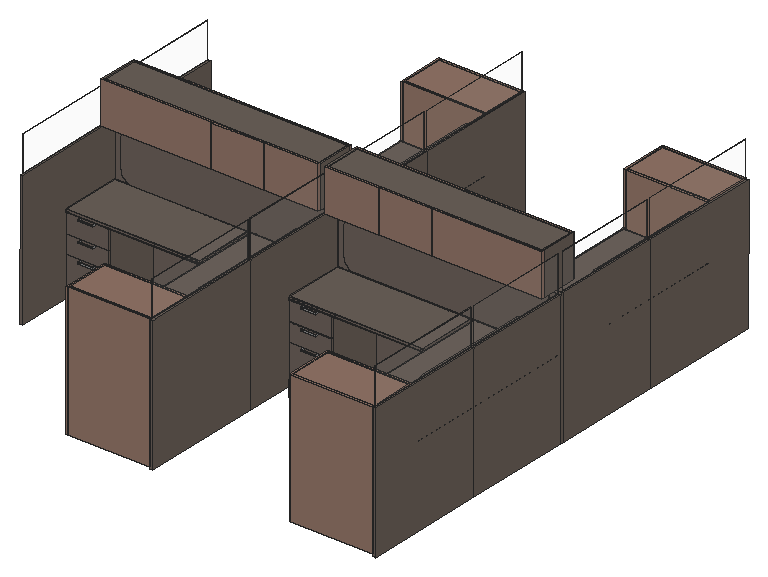
Revit family "OFS TYPICAL S200150", category Furniture, Revit 2022 (continued)
Definition of nested family "STAKS CENTER ELECTRIC ADJUSTABLE HEIGHT BASE Rectangular"
  Forms (in)
    Extrusion 8, solid, material <- "Column and Legs Material"
      sketch origin (0, -2.62465, 0) x (1, 0, 0) y (0, 0, 1)
        loop
          line (-17.63484, 27.875) -> (-19.13484, 27.875) -> (-19.13484, 27.75) -> (-17.75984, 27.75) -> (-17.75984, 26.375) -> (-17.63484, 26.375) -> (-17.63484, 27.875)
      from -1.5 to 1.5
    Extrusion 9, solid, material <- "Column and Legs Material"
      sketch origin (-15.75984, 13.13518, 0) x (0, 1, 0) y (0, 0, -1)
        loop
          line (-17.63484, -27.875) -> (-17.63484, -26.375) -> (-17.75984, -26.375) -> (-17.75984, -27.75) -> (-19.13484, -27.75) -> (-19.13484, -27.875) -> (-17.63484, -27.875)
      from -4.55805 to 1.74016
    Extrusion 10, solid, material <- "Column and Legs Material"
      sketch origin (-15.75984, -18.38449, 0) x (0, -1, 0) y (0, 0, 1)
        loop
          line (-17.63484, 27.875) -> (-19.13484, 27.875) -> (-19.13484, 27.75) -> (-17.75984, 27.75) -> (-17.75984, 26.375) -> (-17.63484, 26.375) -> (-17.63484, 27.875)
      from -4.55805 to 1.74016
    Extrusion 11, solid
      sketch origin (8.306, -1.24965, 17.75) x (0, 0, 1) y (-1, 0, 0)
        loop
          line (-15.795, 26.306) -> (-17.295, 26.306) -> (-17.295, 23.306) -> (-15.795, 23.306) -> (-15.795, 26.306)
      from 11.25 to 11.375
    Extrusion 12, solid
      sketch origin (8.306, -1.24965, 17.75) x (0, 0, 1) y (-1, 0, 0)
        loop
          line (-16.045, 26.306) -> (-17.045, 26.306)
          arc (-17.045, 26.306) -> (-17.22178, 26.23278) -> (-17.295, 26.056) r 0.25
          line (-17.295, 26.056) -> (-17.295, 23.556)
          arc (-17.295, 23.556) -> (-17.22178, 23.37922) -> (-17.045, 23.306) r 0.25
          line (-17.045, 23.306) -> (-16.045, 23.306)
          arc (-16.045, 23.306) -> (-15.86822, 23.37922) -> (-15.795, 23.556) r 0.25
          line (-15.795, 23.556) -> (-15.795, 26.056)
          arc (-15.795, 26.056) -> (-15.86822, 26.23278) -> (-16.045, 26.306) r 0.25
      from -8.5 to 11.25
  Dimensions and locks (in)
    equal spacing: plane 7, plane 2 "Center (Front/Back)", plane 8
    "Depth": plane 7 to plane 8
    "Height": plane 4 "H LEG TOP" to plane 1
    equal spacing: plane 3 "Center (Left/Right)", plane 9 "CENTER", plane 5
    "Width": plane 3 "Center (Left/Right)" to plane 5
    plane 10 to plane 11 to plane 1 = 0' - 1 1/2" locked, 0' - 0.455" locked
    locked: plane 13 to plane 5 at 0.5
    locked: plane 3 "Center (Left/Right)" to plane 12 at 0.5
    locked: plane 14 to plane 8 at 1.25
    locked: plane 15 to plane 7 at 1.25
    plane 23 to plane 21 to plane 17 to plane 2 "Center (Front/Back)" to plane 16 to plane 22 to plane 24 = 0' - 1 1/2" locked, 0' - 0 3/8" locked, 0' - 1 1/2" locked, 0' - 1 1/2" locked, 0' - 0 3/8" locked, 0' - 1 1/2" locked
    locked: plane 18 to plane 10 at 23.38578
    locked: plane 4 "H LEG TOP" to plane 20 at 1
    locked: plane 20 to plane 19 at 1
    plane 26 to plane 25 to plane 12 = 0' - 1 1/2" locked, 0' - 0.13484" locked
    locked: plane 7 to plane 27 at 0.125
    locked: plane 8 to plane 28 at 0.125
    aligned and locked: level to plane 1
    aligned and locked: plane 5 to Extrusion 1
    aligned and locked: Extrusion 1 to plane 3 "Center (Left/Right)"
    aligned and locked: Extrusion 1 to plane 11
    aligned and locked: plane 10 to Extrusion 1
    aligned and locked: Extrusion 4 sketch curve to plane 16
    aligned and locked: Extrusion 4 sketch curve to plane 12
    aligned and locked: Extrusion 4 sketch curve to plane 17
    aligned and locked: plane 13 to Extrusion 4 sketch curve
    aligned and locked: Extrusion 4 to plane 10
    aligned and locked: plane 18 to Extrusion 4
    aligned and locked: plane 14 to Revolve 2
    aligned and locked: plane 15 to Revolve 3
    aligned and locked: Extrusion 5 to plane 22
    aligned and locked: Extrusion 5 to plane 21
    aligned and locked: Extrusion 5 to plane 20
    aligned and locked: Extrusion 5 to plane 4 "H LEG TOP"
    aligned and locked: plane 17 to Blend 6 sketch curve
    aligned and locked: plane 16 to Blend 6 sketch curve
    aligned and locked: plane 20 to Blend 6
    aligned and locked: Blend 6 to plane 19
    aligned and locked: Extrusion 7 to plane 18
    aligned and locked: plane 19 to Extrusion 7
    aligned and locked: Extrusion 8 sketch curve to plane 4 "H LEG TOP"
    aligned and locked: Extrusion 8 sketch curve to plane 25
    aligned and locked: Extrusion 8 sketch curve to plane 26
    aligned and locked: Extrusion 8 sketch curve to Extrusion 8 sketch curve
    aligned and locked: Extrusion 8 to plane 16
    aligned and locked: Extrusion 8 to plane 17
    aligned and locked: Extrusion 9 sketch curve to Extrusion 9 sketch curve
    aligned and locked: Extrusion 9 to plane 12
    aligned and locked: Extrusion 10 sketch curve to Extrusion 10 sketch curve
    aligned and locked: plane 10 to Extrusion 12
    aligned and locked: plane 10 to Extrusion 11
    aligned and locked: plane 5 to Extrusion 12
    aligned and locked: plane 5 to Extrusion 11
    aligned and locked: Extrusion 12 to plane 11
    aligned and locked: Extrusion 11 to plane 11
    aligned and locked: Extrusion 12 to plane 3 "Center (Left/Right)"
    aligned and locked: Extrusion 11 to plane 3 "Center (Left/Right)"
    aligned and locked: plane 7 to Extrusion 11
    aligned and locked: Extrusion 11 to plane 27
    aligned and locked: plane 27 to Extrusion 12
    aligned and locked: Extrusion 1 to plane 28
    aligned and locked: Extrusion 1 to plane 8
    aligned and locked: plane 28 to Extrusion 12
  Automatic sketch dimensions
    Extrusion 1 sketch curve to plane 3 "Center (Left/Right)" = 0' - 0"
    Extrusion 1 sketch curve to plane 11 = 0' - 0"
    Extrusion 1 sketch curve to plane 5 = 0' - 0"
    Extrusion 1 sketch curve to plane 10 = 0' - 0"
    Revolve 2 sketch curve to level = 0' - 0"
    Revolve 2 sketch curve to plane 9 "CENTER" = 0' - 0"  (x2)
    Revolve 2 sketch curve to plane 11 = 0' - 0"
    level to Revolve 2 sketch curve = 0' - 0.19198"
    Revolve 2 sketch curve to Revolve 2 sketch curve = 0' - 0 9/32"
    plane 12 to Revolve 2 sketch curve = 0' - 0 5/16"
    Revolve 2 sketch curve to Revolve 2 sketch curve = 0' - 0 3/32"
    Revolve 2 sketch curve to Revolve 2 sketch curve = 0' - 0.19198"
    Revolve 2 sketch curve to Revolve 2 sketch curve = 0' - 0.09555"
    Revolve 3 sketch curve to level = 0' - 0"
    Revolve 3 sketch curve to plane 9 "CENTER" = 0' - 0"  (x2)
    Revolve 3 sketch curve to plane 11 = 0' - 0"
    Revolve 3 sketch curve to plane 11 = 0' - 0 3/32"
    Revolve 3 sketch curve to Revolve 3 sketch curve = 0' - 0 9/32"
    plane 12 to Revolve 3 sketch curve = 0' - 0 5/16"
    Revolve 3 sketch curve to Revolve 3 sketch curve = 0' - 0.19198"
    Revolve 3 sketch curve to plane 11 = 0' - 0.16748"
    Revolve 3 sketch curve to Revolve 3 sketch curve = 0' - 0.09555"
    plane 16 to Extrusion 4 sketch curve = 0' - 0 1/4"  (x2)
    plane 12 to Extrusion 4 sketch curve = 0' - 0 1/4"
    plane 17 to Extrusion 4 sketch curve = 0' - 0 1/4"
    plane 22 to Extrusion 5 sketch curve = 0' - 0"
    Extrusion 5 sketch curve to plane 25 = 0' - 0"
    Extrusion 5 sketch curve to plane 21 = 0' - 0"
    plane 12 to Extrusion 5 sketch curve = 0' - 0.11516"
    Extrusion 5 sketch curve to plane 16 = 0' - 0 1/8"  (x2)
    Extrusion 5 sketch curve to plane 17 = 0' - 0 1/8"
    plane 6 to Extrusion 5 sketch curve = 0' - 2.54821"
    plane 22 to Blend 6 sketch curve = 0' - 0"
    Blend 6 sketch curve to plane 25 = 0' - 0"
    Blend 6 sketch curve to plane 21 = 0' - 0"
    plane 12 to Blend 6 sketch curve = 0' - 0.11516"
    Blend 6 sketch curve to plane 16 = 0' - 0 1/8"  (x2)
    Blend 6 sketch curve to plane 17 = 0' - 0 1/8"
    plane 6 to Blend 6 sketch curve = 0' - 2.54821"
    Blend 6 sketch curve to plane 12 = 0' - 0"
    plane 16 to Blend 6 sketch curve = 0' - 0 1/4"  (x2)
    plane 12 to Blend 6 sketch curve = 0' - 0 1/4"
    plane 17 to Blend 6 sketch curve = 0' - 0 1/4"
    plane 6 to Blend 6 sketch curve = 0' - 2.04821"
    plane 16 to Extrusion 7 sketch curve = 0' - 0 1/8"
    plane 12 to Extrusion 7 sketch curve = 0' - 0 1/8"
    Extrusion 7 sketch curve to Extrusion 7 sketch curve = 0' - 0 1/8"  (x2)
    Extrusion 7 sketch curve to plane 13 = 0' - 0 1/8"
    plane 17 to Extrusion 7 sketch curve = 0' - 0 1/4"  (x2)
    plane 17 to Extrusion 7 sketch curve = 0' - 0 1/8"
    Extrusion 8 sketch curve to plane 25 = 0' - 0 1/8"
    plane 19 to Extrusion 8 sketch curve = 0' - 0 1/2"
    plane 4 "H LEG TOP" to Extrusion 8 sketch curve = 0' - 0 1/8"
    plane 4 "H LEG TOP" to Extrusion 9 sketch curve = 0' - 0"
    Extrusion 9 sketch curve to plane 23 = 0' - 0"
    Extrusion 9 sketch curve to plane 21 = 0' - 0"
    plane 4 "H LEG TOP" to Extrusion 9 sketch curve = 0' - 0 1/8"
    Extrusion 9 sketch curve to plane 21 = 0' - 0 1/8"
    plane 19 to Extrusion 9 sketch curve = 0' - 0 1/2"
    plane 4 "H LEG TOP" to Extrusion 10 sketch curve = 0' - 0"
    Extrusion 10 sketch curve to plane 24 = 0' - 0"
    Extrusion 10 sketch curve to plane 22 = 0' - 0"
    plane 19 to Extrusion 10 sketch curve = 0' - 0 1/2"
    Extrusion 10 sketch curve to plane 22 = 0' - 0 1/8"
    plane 4 "H LEG TOP" to Extrusion 10 sketch curve = 0' - 0 1/8"
    Extrusion 11 sketch curve to plane 3 "Center (Left/Right)" = 0' - 0"
    Extrusion 11 sketch curve to plane 11 = 0' - 0"
    Extrusion 11 sketch curve to plane 5 = 0' - 0"
    Extrusion 11 sketch curve to plane 10 = 0' - 0"
    Extrusion 12 sketch curve to plane 11 = 0' - 0"
    Extrusion 12 sketch curve to plane 3 "Center (Left/Right)" = 0' - 0"
    Extrusion 12 sketch curve to plane 5 = 0' - 0"
    Extrusion 12 sketch curve to plane 10 = 0' - 0"
    Extrusion 12 sketch curve to plane 5 = 0' - 0 1/4"
    plane 11 to Extrusion 12 sketch curve = 0' - 0 1/4"
    Extrusion 12 sketch curve to plane 10 = 0' - 0 1/4"  (x2)
Definition of nested family "STAKS BENCHING CANTILEVER WORKSURFACE BRACKET - OPEN"
  Parameters (values of type "STAKS CANTILEVER WORKSURFACE BRACKET - OPEN 36in")
    Width = 0' - 1 1/2"
    URL = "http://www.ofs.com/"
    Model = "OWSBKT36"
    Manufacturer = "OFS"
    Height From Floor = 2' - 3 7/8"
    Height = 0' - 7"
    Description = "OFS STAKS BENCHING CANTILEVER WORKSURFACE BRACKET - Open Cantilever Worksurface Bracket for 36\"W Top"
    Depth = 2' - 4"
    Default Elevation = 0' - 0"
    Copyright © = "© 2018 OFS"
    Catalog = "https://ofs.com/products/open-plan/benching/staks"
    Bracket Material = none
    Authoring Version = "Autodesk Revit Architecture 2013"
    Assembly Code = "E2020200"
    Alpha = 0' - 1"
  Types (4): name | URL | Model | Manufacturer | Description | Depth | Copyright © | Catalog | Alpha
    CANTILEVER WORKSURFACE BRACKET - OPEN 14in | "http://www.ofsbrands.com/" | "OWSBKT14" | "FIRST OFFICE" | "OFS BRANDS FIRST OFFICE STAKS BENCHING CANTILEVER WORKSURFACE BRACKET - Open Cantilever Worksurface Bracket for 14\"W Top" | 0' - 11" | "© 2018 OFS BRANDS" | "http://www.firstoffice.com/products/crossover/staks_benching/" | 0' - 0 1/2"
    CANTILEVER WORKSURFACE BRACKET - OPEN 22in | "http://www.ofsbrands.com/" | "OWSBKT22" | "FIRST OFFICE" | "OFS BRANDS FIRST OFFICE STAKS BENCHING CANTILEVER WORKSURFACE BRACKET - Open Cantilever Worksurface Bracket for 22\"W Top" | 1' - 4" | "© 2018 OFS BRANDS" | "http://www.firstoffice.com/products/crossover/staks_benching/" | 0' - 0 5/8"
    CANTILEVER WORKSURFACE BRACKET - OPEN 30in | "http://www.ofsbrands.com/" | "OWSBKT30" | "FIRST OFFICE" | "OFS BRANDS FIRST OFFICE STAKS BENCHING CANTILEVER WORKSURFACE BRACKET - Open Cantilever Worksurface Bracket for 30\"W Top" | 1' - 10" | "© 2018 OFS BRANDS" | "http://www.firstoffice.com/products/crossover/staks_benching/" | 0' - 0 7/8"
    STAKS CANTILEVER WORKSURFACE BRACKET - OPEN 36in | "http://www.ofs.com/" | "OWSBKT36" | "OFS" | "OFS STAKS BENCHING CANTILEVER WORKSURFACE BRACKET - Open Cantilever Worksurface Bracket for 36\"W Top" | 2' - 4" | "© 2018 OFS" | "https://ofs.com/products/open-plan/benching/staks" | 0' - 1"
  Reference planes (in)
    plane 1: z = 0
    plane 2 "Center (Front/Back)": y = -11.12465
    plane 3 "LEFT": x = -17.25
    plane 4 "BASE TOP": z = 27.875
    plane 5 "RIGHT": x = -15.75
    plane 6: z = 20.875
    plane 7: y = 2.87535
    plane 8 "CENTER": x = -16.5
    plane 9: y = -25.12465
    plane 10: z = 25.875
    plane 11: y = 0.87535
    plane 12: z = 21.375
    plane 13: y = -24.62465
    plane 14: x = -16.375
    plane 15: x = -16.625
    plane 16: y = -23.62465
  Forms (in)
    Extrusion 1, solid, material <- "Bracket Material"
      sketch origin (-16.5, 0, 0) x (0, 1, 0) y (0, 0, 1)
        loop
          line (-25.12465, 27.875) -> (-25.12465, 27.82031) -> (0.8527, 27.82031) -> (2.82066, 25.85235) -> (2.82066, 20.875) -> (2.87535, 20.875) -> (2.87535, 25.875) -> (0.87535, 27.875) -> (-25.12465, 27.875)
      from -0.75 to 0.75
    Extrusion 2, solid
      sketch origin (-16.5, 0, 0) x (0, 1, 0) y (0, 0, 1)
        loop
          line (2.82066, 21.375) -> (2.82066, 21.66876) -> (-23.62465, 27.82031) -> (-24.62465, 27.82031) -> (2.82066, 21.375)
      from -0.125 to 0.125
    Extrusion 3, void
      sketch origin (0, -11.12465, 0) x (1, 0, 0) y (0, 0, 1)
        loop
          circle (-16.99183, 23.37543) r 0.09375
        loop
          circle (-16.99183, 25.56923) r 0.09375
        loop
          circle (-16.99183, 21.18077) r 0.09375
        loop
          line (-16.10192, 24.58008) -> (-16.10192, 24.41381)
          arc (-16.10192, 24.41381) -> (-16.00817, 24.32006) -> (-15.91442, 24.41381) r 0.09375
          line (-15.91442, 24.41381) -> (-15.91442, 24.58008)
          arc (-15.91442, 24.58008) -> (-16.00817, 24.67383) -> (-16.10192, 24.58008) r 0.09375
        loop
          arc (-16.10192, 22.16992) -> (-16.00817, 22.07617) -> (-15.91442, 22.16992) r 0.09375
          line (-15.91442, 22.16992) -> (-15.91442, 22.33619)
          arc (-15.91442, 22.33619) -> (-16.00817, 22.42994) -> (-16.10192, 22.33619) r 0.09375
          line (-16.10192, 22.33619) -> (-16.10192, 22.16992)
      from -14 to -3.47735
    Extrusion 4, void
      sketch origin (0, 0, 0) x (1, 0, 0) y (0, 1, 0)
        loop
          circle (-16.93617, 0.25038) r 0.09375
        loop
          circle (-16.06383, -1.74962) r 0.09375
        loop
          circle (-16.93617, -3.74962) r 0.09375
        loop
          circle (-16.06383, -5.74962) r 0.09375
        loop
          circle (-16.93617, -7.74962) r 0.09375
        loop
          circle (-16.06383, -9.74962) r 0.09375
        loop
          circle (-16.93617, -11.74962) r 0.09375
        loop
          circle (-16.06383, -13.74962) r 0.09375
        loop
          circle (-16.93617, -15.74962) r 0.09375
        loop
          circle (-16.06383, -17.74962) r 0.09375
        loop
          circle (-16.93617, -19.74962) r 0.09375
        loop
          circle (-16.06383, -21.74962) r 0.09375
        loop
          circle (-16.93617, -23.74962) r 0.09375
        loop
          circle (-16.06383, -25.74962) r 0.09375
        loop
          circle (-16.93617, -27.74962) r 0.09375
        loop
          circle (-16.06383, -29.74962) r 0.09375
      from 25.0365 to 29.23009
    Extrusion 5, void, not visible
      sketch origin (0, 0, 0) x (1, 0, 0) y (0, 1, 0)
        loop
          circle (-16.93617, 0.25038) r 0.09375
        loop
          circle (-16.06383, -1.74962) r 0.09375
        loop
          circle (-16.93617, -3.74962) r 0.09375
        loop
          circle (-16.06383, -5.74962) r 0.09375
        loop
          circle (-16.93617, -7.74962) r 0.09375
        loop
          circle (-16.06383, -9.74962) r 0.09375
        loop
          circle (-16.93617, -11.74962) r 0.09375
        loop
          circle (-16.06383, -13.74962) r 0.09375
        loop
          circle (-16.93617, -15.74962) r 0.09375
        loop
          circle (-16.06383, -17.74962) r 0.09375
        loop
          circle (-16.93617, -19.74962) r 0.09375
        loop
          circle (-16.06383, -21.74962) r 0.09375
        loop
          circle (-16.93617, -23.74962) r 0.09375
        loop
          circle (-16.06383, -25.74962) r 0.09375
        loop
          circle (-16.93617, -27.74962) r 0.09375
        loop
          circle (-16.06383, -29.74962) r 0.09375
      from 25.0365 to 29.23009
  Cuts and joins
    Extrusion 3, Extrusion 4 cuts Extrusion 1
  Dimensions and locks (in)
    "Height From Floor": plane 4 "BASE TOP" to plane 1
    "Height": plane 4 "BASE TOP" to plane 6
    equal spacing: plane 3 "LEFT", plane 8 "CENTER", plane 5 "RIGHT"
    equal spacing: plane 9, plane 2 "Center (Front/Back)", plane 7
    "Width": plane 3 "LEFT" to plane 5 "RIGHT"
    "Depth": plane 9 to plane 7
    locked: plane 4 "BASE TOP" to plane 10 at 2
    locked: plane 7 to plane 11 at 2
    locked: plane 13 to plane 9 at 0.5
    locked: plane 6 to plane 12 at 0.5
    plane 14 to plane 8 "CENTER" to plane 15 = 0' - 0 1/8" locked, 0' - 0 1/8" locked
    "Alpha": plane 16 to plane 13
    aligned and locked: level to plane 1
    aligned and locked: Extrusion 1 sketch curve to plane 4 "BASE TOP"
    aligned and locked: plane 7 to Extrusion 1 sketch curve
    aligned and locked: plane 9 to Extrusion 1 sketch curve
    aligned and locked: plane 6 to Extrusion 1 sketch curve
    aligned and locked: Extrusion 1 to plane 3 "LEFT"
    aligned and locked: plane 5 "RIGHT" to Extrusion 1
    aligned and locked: Extrusion 2 sketch curve to Extrusion 1
    aligned and locked: plane 15 to Extrusion 2
    aligned and locked: plane 14 to Extrusion 2
    aligned and locked: Extrusion 1 to Extrusion 2 sketch curve
    aligned and locked: Extrusion 3 to plane 7
  Automatic sketch dimensions
    plane 7 to Extrusion 1 sketch curve = 0' - 0 7/128"
    Extrusion 1 sketch curve to plane 11 = 0' - 0"
    plane 10 to Extrusion 1 sketch curve = 0' - 0"
    plane 11 to Extrusion 1 sketch curve = 0' - 0.02265"
    plane 10 to Extrusion 1 sketch curve = 0' - 0.02265"
    plane 4 "BASE TOP" to Extrusion 1 sketch curve = 0' - 0 7/128"
    Extrusion 2 sketch curve to plane 13 = 0' - 0"
    plane 12 to Extrusion 2 sketch curve = 0' - 0"
    Extrusion 2 sketch curve to plane 16 = 0' - 0"
    Extrusion 2 sketch curve to Extrusion 2 sketch curve = 0' - 0.29376"
    plane 14 to Extrusion 3 sketch curve = 0' - 0.27308"
    Extrusion 3 sketch curve to plane 5 "RIGHT" = 0' - 0.16442"  (x2)
    Extrusion 3 sketch curve to plane 12 = 0' - 0.79492"
    Extrusion 3 sketch curve to Extrusion 3 sketch curve = 0' - 0 3/16"
    plane 3 "LEFT" to Extrusion 3 sketch curve = 0' - 0.25817"  (x3)
    Extrusion 3 sketch curve to Extrusion 3 sketch curve = 0' - 0.16626"  (x2)
    plane 10 to Extrusion 3 sketch curve = 0' - 1.46119"
    plane 12 to Extrusion 3 sketch curve = 0' - 0.19423"
    Extrusion 3 sketch curve to Extrusion 3 sketch curve = 0' - 1.03838"
    plane 10 to Extrusion 3 sketch curve = 0' - 0.30577"
    Extrusion 4 sketch curve to Extrusion 4 sketch curve = 0' - 2"  (x15)
    Extrusion 4 sketch curve to Extrusion 4 sketch curve = 0' - 0"  (x7)
    Extrusion 4 sketch curve to Extrusion 4 sketch curve = 0' - 0.87233"  (x8)
    Extrusion 5 sketch curve to Extrusion 5 sketch curve = 0' - 2"  (x15)
    Extrusion 5 sketch curve to Extrusion 5 sketch curve = 0' - 0"  (x7)
    Extrusion 5 sketch curve to Extrusion 5 sketch curve = 0' - 0.87233"  (x8)
    radius of Extrusion 3 sketch curve = 0' - 0 3/32"  (x3)
    radius of Extrusion 4 sketch curve = 0' - 0 3/32"  (x16)
    radius of Extrusion 5 sketch curve = 0' - 0 3/32"  (x16)
Definition of nested family "STAKS BENCHING PRESS FIT BRACKET"
  Parameters (values of type "STAKS BENCHING PRESS FIT BRACKET")
    Width = 0' - 7 1/8"
    URL = "http://www.ofs.com/"
    Model = "PFBKT-1"
    Manufacturer = "OFS"
    Height From Floor = 2' - 3 7/8"
    Height = 0' - 3"
    Gap = 0' - 1"
    Description = "OFS STAKS BENCHING PRESS FIT BRACKET, Supports Shared Organizers, Shared Shelves or Transaction Tops on Spine or Divider Wall Panels Without Defacing the Panel Faces"
    Depth = 0' - 2"
    Default Elevation = 0' - 0"
    Copyright © = "© 2018 OFS"
    Catalog = "https://ofs.com/products/open-plan/benching/staks"
    Bracket Material = none
    Authoring Version = "Autodesk Revit Architecture 2013"
    Assembly Code = "E2020200"
  Reference planes (in)
    plane 1: z = 0
    plane 2 "Center (Front/Back)": y = 1.87535
    plane 3 "LEFT": x = -20.0625
    plane 4 "BASE TOP": z = 27.875
    plane 5 "RIGHT": x = -12.9375
    plane 6: z = 24.875
    plane 7: y = 2.87535
    plane 8 "CENTER": x = -16.5
    plane 9: y = 0.87535
    plane 10: y = 1.25035
    plane 11: x = -16
    plane 12: x = -17
  Forms (in)
    Extrusion 1, solid, material <- "Bracket Material"
      sketch origin (0, 1.87535, 0) x (1, 0, 0) y (0, 0, 1)
        loop
          line (-17, 24.875) -> (-17, 27.375) -> (-16.82031, 27.375)
          arc (-16.82031, 27.375) -> (-16.59934, 27.46653) -> (-16.50781, 27.6875) r 0.3125
          line (-16.50781, 27.6875) -> (-16.50781, 27.875) -> (-20.0625, 27.875) -> (-20.0625, 27.375) -> (-17.75, 27.375)
          arc (-17.75, 27.375) -> (-17.39645, 27.22855) -> (-17.25, 26.875) r 0.5
          line (-17.25, 26.875) -> (-17.25, 24.875) -> (-17, 24.875)
        loop
          line (-12.9375, 27.875) -> (-16.49219, 27.875) -> (-16.49219, 27.6875)
          arc (-16.49219, 27.6875) -> (-16.40066, 27.46653) -> (-16.17969, 27.375) r 0.3125
          line (-16.17969, 27.375) -> (-16, 27.375) -> (-16, 24.875) -> (-15.75, 24.875) -> (-15.75, 26.875)
          arc (-15.75, 26.875) -> (-15.60355, 27.22855) -> (-15.25, 27.375) r 0.5
          line (-15.25, 27.375) -> (-12.9375, 27.375) -> (-12.9375, 27.875)
      from -1 to 1
    Extrusion 2, void
      sketch origin (0, 0, 0) x (1, 0, 0) y (0, 1, 0)
        loop
          line (-17, 0.87535) -> (-16, 0.87535) -> (-16, 1.37535) -> (-17, 1.37535) -> (-17, 0.87535)
        loop
          line (-17, 2.87535) -> (-17, 2.37535) -> (-16, 2.37535) -> (-16, 2.87535) -> (-17, 2.87535)
        loop
          circle (-19.48811, 1.37535) r 0.09375
        loop
          circle (-17.85526, 1.37535) r 0.09375
        loop
          circle (-13.51189, 1.37535) r 0.09375
        loop
          circle (-15.14474, 1.37535) r 0.09375
        loop
          circle (-19.48811, 2.37535) r 0.09375
        loop
          circle (-17.85526, 2.37535) r 0.09375
        loop
          circle (-13.51189, 2.37535) r 0.09375
        loop
          circle (-15.14474, 2.37535) r 0.09375
      from 24.875 to 27.875
    Extrusion 3, solid, material <- "Bracket Material"
      sketch origin (-16.5, 0, 0) x (0, 1, 0) y (0, 0, 1)
        loop
          circle (2.60972, 27.625) r 0.1875
        loop
          line (2.60972, 27.72544) -> (2.52274, 27.67522) -> (2.52274, 27.57478) -> (2.60972, 27.52456) -> (2.69671, 27.57478) -> (2.69671, 27.67522) -> (2.60972, 27.72544)
        loop
          circle (1.14097, 27.625) r 0.1875
        loop
          line (1.14097, 27.72544) -> (1.05399, 27.67522) -> (1.05399, 27.57478) -> (1.14097, 27.52456) -> (1.22796, 27.57478) -> (1.22796, 27.67522) -> (1.14097, 27.72544)
      from 3.5625 to 3.68034
    Extrusion 4, solid, material <- "Bracket Material"
      sketch origin (-16.5, 0, 0) x (0, 1, 0) y (0, 0, -1)
        loop
          circle (2.60972, -27.625) r 0.1875
        loop
          line (2.60972, -27.72544) -> (2.69671, -27.67522) -> (2.69671, -27.57478) -> (2.60972, -27.52456) -> (2.52274, -27.57478) -> (2.52274, -27.67522) -> (2.60972, -27.72544)
        loop
          circle (1.14097, -27.625) r 0.1875
        loop
          line (1.14097, -27.72544) -> (1.22796, -27.67522) -> (1.22796, -27.57478) -> (1.14097, -27.52456) -> (1.05399, -27.57478) -> (1.05399, -27.67522) -> (1.14097, -27.72544)
      from 3.5625 to 3.68034
    Extrusion 5, solid, material <- "Bracket Material"
      sketch origin (-16.5, 3.61007, 0) x (0, -1, 0) y (0, 0, -1)
        loop
          circle (2.4691, -27.625) r 0.09375
      from -0.5 to 0.5
    Extrusion 6, solid, material <- "Bracket Material"
      sketch origin (-16.5, 0.14063, 0) x (0, 1, 0) y (0, 0, 1)
        loop
          circle (2.4691, 27.625) r 0.09375
      from -0.5 to 0.5
    Extrusion 7, solid
      sketch origin (-16.5, 0, 0) x (0, 1, 0) y (0, 0, 1)
        loop
          line (2.37535, 26.875) -> (1.37535, 26.875) -> (1.37535, 25.375) -> (2.37535, 25.375) -> (2.37535, 26.875)
      from 0.40321 to 0.5
    Extrusion 8, solid
      sketch origin (-16.5, 0, 0) x (0, 1, 0) y (0, 0, -1)
        loop
          line (2.37535, -26.875) -> (2.37535, -25.375) -> (1.37535, -25.375) -> (1.37535, -26.875) -> (2.37535, -26.875)
      from 0.40321 to 0.5
  Cuts and joins
    Extrusion 2 cuts Extrusion 1
  Dimensions and locks (in)
    "Height From Floor": plane 4 "BASE TOP" to plane 1
    "Height": plane 4 "BASE TOP" to plane 6
    equal spacing: plane 3 "LEFT", plane 8 "CENTER", plane 5 "RIGHT"
    equal spacing: plane 9, plane 2 "Center (Front/Back)", plane 7
    "Width": plane 3 "LEFT" to plane 5 "RIGHT"
    "Depth": plane 9 to plane 7
    equal spacing: plane 11, plane 8 "CENTER", plane 12
    "Gap": plane 12 to plane 11
    aligned and locked: level to plane 1
    aligned and locked: plane 9 to Extrusion 1
    aligned and locked: Extrusion 1 to plane 7
    aligned and locked: Extrusion 2 to plane 4 "BASE TOP"
    aligned and locked: plane 6 to Extrusion 2
    aligned and locked: plane 11 to Extrusion 5
    aligned and locked: plane 12 to Extrusion 5
    aligned and locked: plane 11 to Extrusion 7
  Automatic sketch dimensions
    Extrusion 1 sketch curve to plane 3 "LEFT" = 0' - 0"
    Extrusion 1 sketch curve to plane 6 = 0' - 0"  (x2)
    plane 12 to Extrusion 1 sketch curve = 0' - 0"
    Extrusion 1 sketch curve to plane 4 "BASE TOP" = 0' - 0"  (x2)
    Extrusion 1 sketch curve to plane 11 = 0' - 0"
    Extrusion 1 sketch curve to plane 5 "RIGHT" = 0' - 0"
    plane 12 to Extrusion 1 sketch curve = 0' - 0 1/4"
    plane 4 "BASE TOP" to Extrusion 1 sketch curve = 0' - 1"
    plane 4 "BASE TOP" to Extrusion 1 sketch curve = 0' - 0 1/2"  (x3)
    Extrusion 1 sketch curve to plane 12 = 0' - 0 23/128"
    Extrusion 1 sketch curve to plane 8 "CENTER" = 0' - 0 1/128"
    plane 8 "CENTER" to Extrusion 1 sketch curve = 0' - 0 1/128"
    Extrusion 1 sketch curve to Extrusion 1 sketch curve = 0' - 0 23/128"
    plane 11 to Extrusion 1 sketch curve = 0' - 0 1/4"
    Extrusion 1 sketch curve to Extrusion 1 sketch curve = 0' - 0 1/2"
    Extrusion 1 sketch curve to Extrusion 1 sketch curve = 0' - 0 5/16"
    plane 9 to Extrusion 2 sketch curve = 0' - 0"
    Extrusion 2 sketch curve to plane 12 = 0' - 0"  (x2)
    plane 7 to Extrusion 2 sketch curve = 0' - 0"
    Extrusion 2 sketch curve to plane 11 = 0' - 0"  (x2)
    Extrusion 2 sketch curve to plane 10 = 0' - 0 1/8"  (x5)
    plane 3 "LEFT" to Extrusion 2 sketch curve = 0' - 0.57439"  (x2)
    Extrusion 2 sketch curve to Extrusion 2 sketch curve = 0' - 0.85526"  (x4)
    Extrusion 2 sketch curve to plane 5 "RIGHT" = 0' - 0.57439"  (x2)
    Extrusion 2 sketch curve to plane 2 "Center (Front/Back)" = 0' - 0 1/2"  (x5)
    Extrusion 3 sketch curve to plane 9 = 0' - 0.17864"
    plane 4 "BASE TOP" to Extrusion 3 sketch curve = 0' - 0.35044"  (x2)
    Extrusion 3 sketch curve to Extrusion 3 sketch curve = 0' - 0.08698"  (x6)
    plane 10 to Extrusion 3 sketch curve = 0' - 0.02239"
    plane 7 to Extrusion 3 sketch curve = 0' - 0.35261"
    Extrusion 3 sketch curve to Extrusion 3 sketch curve = 0' - 0"
    Extrusion 3 sketch curve to Extrusion 3 sketch curve = 0' - 0.05022"  (x7)
    Extrusion 3 sketch curve to Extrusion 3 sketch curve = 0' - 0.10044"  (x5)
    Extrusion 4 sketch curve to plane 9 = 0' - 0.17864"
    plane 4 "BASE TOP" to Extrusion 4 sketch curve = 0' - 0.14956"  (x2)
    Extrusion 4 sketch curve to Extrusion 4 sketch curve = 0' - 0.08698"  (x7)
    plane 10 to Extrusion 4 sketch curve = 0' - 0.02239"
    plane 7 to Extrusion 4 sketch curve = 0' - 0.35261"
    Extrusion 4 sketch curve to Extrusion 4 sketch curve = 0' - 0.05022"  (x8)
    Extrusion 4 sketch curve to Extrusion 4 sketch curve = 0' - 0.10044"  (x4)
    Extrusion 5 sketch curve to plane 10 = 0' - 0 7/64"
    Extrusion 5 sketch curve to plane 4 "BASE TOP" = 0' - 0 1/4"
    plane 7 to Extrusion 6 sketch curve = 0' - 0 17/64"
    plane 4 "BASE TOP" to Extrusion 6 sketch curve = 0' - 0 1/4"
    Extrusion 7 sketch curve to plane 10 = 0' - 0 1/8"
    Extrusion 7 sketch curve to plane 6 = 0' - 0 1/2"
    Extrusion 7 sketch curve to plane 2 "Center (Front/Back)" = 0' - 0 1/2"
    plane 4 "BASE TOP" to Extrusion 7 sketch curve = 0' - 1"
    Extrusion 8 sketch curve to plane 10 = 0' - 0 1/8"
    plane 4 "BASE TOP" to Extrusion 8 sketch curve = 0' - 1"
    Extrusion 8 sketch curve to plane 2 "Center (Front/Back)" = 0' - 0 1/2"
    Extrusion 8 sketch curve to plane 6 = 0' - 0 1/2"
    radius of Extrusion 2 sketch curve = 0' - 0 3/32"  (x8)
    radius of Extrusion 3 sketch curve = 0' - 0 3/16"  (x2)
    radius of Extrusion 4 sketch curve = 0' - 0 3/16"  (x2)
    radius of Extrusion 5 sketch curve = 0' - 0 3/32"
    radius of Extrusion 6 sketch curve = 0' - 0 3/32"
Definition of nested family "STAKS CORNER SHELF FOR WALL PANEL"
  Parameters (values of type "STAKS CORNER SHELF FOR WALL PANEL")
    Width = 1' - 9"
    Veneer Material = none
    URL = "http://www.ofs.com/"
    Height Above Floor [instance] = 2' - 5"
    Height = 0' - 0 3/4"
    Edge Material = none
    Model = "6-2108SHLF"
    Manufacturer = "OFS"
    Description = "OFS STAKS CORNER SHELF FOR WALL PANEL"
    Depth = 0' - 8"
    Default Elevation = 0' - 0"
    Copyright © = "© 2018 OFS"
    Catalog = "https://ofs.com/products/casegoods/private-office/staks"
    Authoring Version = "Autodesk Revit Architecture 2013"
    Assembly Code = "E2020200"
    3D Laminate Material = none
  Reference planes (in)
    plane 1 "Center (Front/Back)": y = 0
    plane 2: z = 0
    plane 3 "Center (Left/Right)": x = 0
    plane 4: x = 10.5
    plane 5: x = -10.5
    plane 6: y = 4
    plane 7: y = -4
    plane 8: z = 28.25
    plane 9: z = 29
  Forms (in)
    Extrusion 1, solid, material <- "3D Laminate Material"
      sketch origin (3.56329, 81.33771, 7) x (-1, 0, 0) y (0, -1, 0)
        loop
          line (14.06329, 85.33771) -> (-6.93671, 85.33771) -> (1.06329, 77.33771) -> (6.06329, 77.33771) -> (14.06329, 85.33771)
      from 22 to 21.25
  Dimensions and locks (in)
    equal spacing: plane 5, plane 3 "Center (Left/Right)", plane 4
    "Width": plane 5 to plane 4
    "Depth": plane 6 to plane 7
    equal spacing: plane 7, plane 1 "Center (Front/Back)", plane 6
    "Height": plane 9 to plane 8
    "Height Above Floor": plane 9 to level
    aligned and locked: level to plane 2
    aligned and locked: plane 9 to Extrusion 1
    aligned and locked: Extrusion 1 to plane 8
    aligned and locked: plane 4 to Extrusion 1 sketch curve
    aligned and locked: Extrusion 1 sketch curve to plane 6
  Automatic sketch dimensions
    plane 7 to Extrusion 1 sketch curve = 0' - 0"
    plane 3 "Center (Left/Right)" to Extrusion 1 sketch curve = 0' - 2 1/2"
    Extrusion 1 sketch curve to plane 3 "Center (Left/Right)" = 0' - 2 1/2"
    Extrusion 1 sketch curve to plane 5 = 0' - 0"
